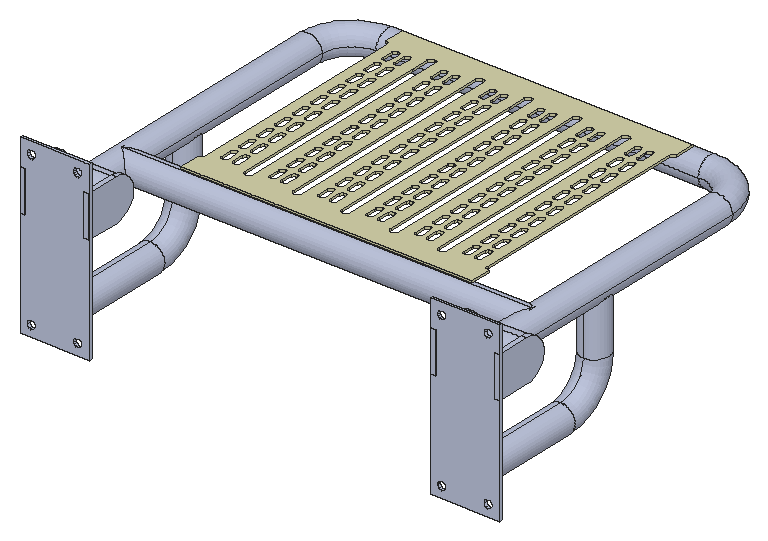
Revit family "BRG-CMP-ACC_ASIENTO DE DUCHA AÉREO v_02", category Aparatos sanitarios, Revit 2019
Family settings
  Anfitrión = Muro
  Cota de conector redondo = Diámetro de uso
  Tipo de pieza = Normal
  Número OmniClass = 23.45.00.00
  Título OmniClass = Sanitary, Laundry, and Cleaning Equipment
  Siempre vertical = Sí
  Corte con vacíos al cargar = No
  Compartido = No
  Punto de cálculo de habitación = No
Parameters (values of type "ASIENTO DE DUCHA AÉREO")
  _EDESA_ Tipo de instalación = "A la pared"
  _EDESA_ Sku/código = "SC0026853061CW"
  _EDESA_ Página web = "https://www.briggs.com.ec/productos/fichastecnicaspdf/Briggs/Complementos/Asiento_ducha_aereo.pdf"
  _EDESA_ Profundidad en cm = "42.6"
  _EDESA_ Productos necesarios para instalación = ""
  _EDESA_ Productos incluídos = "Tacos y tornillos"
  _EDESA_ Peso en kg = ""
  _EDESA_ Nombre = "ASIENTO DE DUCHA AÉREO"
  _EDESA_ Materiales = "Acero inoxidable"
  _EDESA_ Marca = "BRIGGS"
  _EDESA_ Garantía = "2 años"
  _EDESA_ Distancia de instalación en cm (muro terminado) = ""
  _EDESA_ Descripción = "Diseñados especialmente para facilitar el acceso a la ducha de personas con discapacidad y tercera edad."
  _EDESA_ Cumple normativa ADA = ""
  _EDESA_ Contacto comercial = "(02) 395 2900"
  _EDESA_ Consumo/capacidad de agua en L = ""
  _EDESA_ Color = "cromo"
  _EDESA_ Certificación = ""
  _EDESA_ Categoría = "Productos > Complementos > Accesorios"
  _EDESA_ Ancho en cm = "49"
  _EDESA_ Alto en cm = "20"
  URL = "https://www.briggs.com.ec/productos/fichastecnicaspdf/Briggs/Complementos/Asiento_ducha_aereo.pdf"
  Modelo = "ASIENTO DE DUCHA AÉREO"
Reference planes (m)
  plane 1: y = 0
  plane 2 "Centro (Izquierda/Derecha)": x = 0.125
  plane 3 "Posterior": y = 0.075
Text (m)
  text "Cara de colocación" at (-1.787139, 0.59235, 0), in view "Nivel de referencia"
  text "Cara de colocación" at (0, 1.827695, 2.917686), in view "Izquierda"
  text "Cara de colocación" at (0, 0.562268, 3.853606), in view "Derecha"
Dimensions and locks (m)
  locked: plane 3 "Posterior" to host wall at 0
  aligned and locked: host wall to plane 1
  aligned and locked: plane 2 "Centro (Izquierda/Derecha)" to nested 1
Nested families (m)
  nested 1: "ASIENTO" at (-0.0005, 0, 0.16625), type "Tipo 1"
Definition of nested family "ASIENTO"
  Reference planes (m)
    plane 1: y = 0
    plane 2 "Centro (Izquierda/Derecha)": x = 0.1255
    plane 3 "Posterior": y = 0.1
    plane 4 "_RP_ Eje": z = 0.9
    plane 5 "_RP_EjeB": x = -0.1081
    plane 6 "_RP_EjeC": y = 0.139
    plane 7 "_RP_Eje4": z = 0.38
    plane 8 "_RP_EjeA": x = 0.3591
    plane 9 "_RP_Eje6": y = 0.108
    plane 10 "_RP_Eje7": y = 0.103
    plane 11 "_RP_Eje8": y = 0.284
    plane 12 "_RP_Eje9": y = 0.51
    plane 13 "_RP_Eje10": y = 0.195
    plane 14 "_RP_Eje11": z = 0.3975
  Forms (m)
    Revolve 1, solid
      sketch origin (0, 0.139, 0) x (0, 0, -1) y (1, 0, 0)
        loop
          line (-0.4025, 0.3266) -> (-0.3995, 0.3266) -> (-0.3995, 0.3257) -> (-0.38, 0.3257) -> (-0.38, 0.3925) -> (-0.3995, 0.3925) -> (-0.3995, 0.3916) -> (-0.4025, 0.3916) -> (-0.4025, 0.3266)
        axis (-0.38, 0.3257) -> (-0.38, 0.3925)
      angle from 0 to 360
    Revolve 2, solid
      sketch origin (-0.4672, 0.139, 0) x (0, 0, -1) y (1, 0, 0)
        loop
          line (-0.4025, 0.3266) -> (-0.3995, 0.3266) -> (-0.3995, 0.3257) -> (-0.38, 0.3257) -> (-0.38, 0.3925) -> (-0.3995, 0.3925) -> (-0.3995, 0.3916) -> (-0.4025, 0.3916) -> (-0.4025, 0.3266)
        axis (-0.38, 0.3257) -> (-0.38, 0.3925)
      angle from 0 to 360
    Revolve 3, solid
      sketch origin (-0.1081, 0, 0) x (0, 1, 0) y (0, 0, 1)
        loop
          arc (0.106, 0.281) -> (0.103879, 0.280121) -> (0.103, 0.278) r 0.003
          line (0.103, 0.278) -> (0.103, 0.265) -> (0.108, 0.265) -> (0.108, 0.281) -> (0.106, 0.281)
        axis (0.103, 0.265) -> (0.108, 0.265)
      angle from 0 to 360
    Extrusion 4, solid
      sketch origin (0, 0.1, 0) x (1, 0, 0) y (0, 0, 1)
        loop
          line (0.3197, 0.43375) -> (0.3197, 0.23375) -> (0.3985, 0.23375) -> (0.3985, 0.43375) -> (0.3197, 0.43375)
        loop
          circle (0.3855, 0.42075) r 0.0047
        loop
          circle (0.3327, 0.42075) r 0.0047
        loop
          circle (0.3855, 0.24675) r 0.0047
        loop
          circle (0.3327, 0.24675) r 0.0047
      from 0 to -0.003
    Sweep 5, solid
      path origin (-0.1081, 0, 0) x (0, 1, 0) y (0, 0, 1)
        loop
          line (0.284, 0.374) -> (0.284, 0.313)
          arc (0.284, 0.313) -> (0.269941, 0.279059) -> (0.236, 0.265) r 0.048
          line (0.236, 0.265) -> (0.108, 0.265)
      profile origin (-0.1081, 0.172, 0.265) x (0, 0, -1) y (1, 0, 0)
        loop
          circle (0, 0) r 0.016
    Revolve 6, solid
      sketch origin (0.3591, 0, 0) x (0, 1, 0) y (0, 0, 1)
        loop
          arc (0.106, 0.281) -> (0.103879, 0.280121) -> (0.103, 0.278) r 0.003
          line (0.103, 0.278) -> (0.103, 0.265) -> (0.108, 0.265) -> (0.108, 0.281) -> (0.106, 0.281)
        axis (0.103, 0.265) -> (0.108, 0.265)
      angle from 0 to 360
    Sweep 7, solid
      path origin (0.3591, 0, 0) x (0, 1, 0) y (0, 0, 1)
        loop
          line (0.284, 0.374) -> (0.284, 0.313)
          arc (0.284, 0.313) -> (0.269941, 0.279059) -> (0.236, 0.265) r 0.048
          line (0.236, 0.265) -> (0.108, 0.265)
      profile origin (0.3591, 0.172, 0.265) x (0, 0, -1) y (1, 0, 0)
        loop
          circle (0, 0) r 0.016
    Sweep 8, solid
      path origin (0, 0, 0.38) x (0, 1, 0) y (-1, 0, 0)
        loop
          line (0.139, -0.3591) -> (0.46, -0.3591)
          arc (0.46, -0.3591) -> (0.495355, -0.344455) -> (0.51, -0.3091) r 0.05
          line (0.51, -0.3091) -> (0.51, 0.0581)
          arc (0.51, 0.0581) -> (0.495355, 0.093455) -> (0.46, 0.1081) r 0.05
          line (0.46, 0.1081) -> (0.139, 0.1081)
      profile origin (0.1255, 0.51, 0.38) x (0, -1, 0) y (0, 0, 1)
        loop
          circle (0, 0) r 0.016
    Extrusion 9, solid
      sketch origin (-0.4672, 0.1, 0) x (1, 0, 0) y (0, 0, 1)
        loop
          line (0.3197, 0.43375) -> (0.3197, 0.23375) -> (0.3985, 0.23375) -> (0.3985, 0.43375) -> (0.3197, 0.43375)
        loop
          circle (0.3855, 0.42075) r 0.0047
        loop
          circle (0.3327, 0.42075) r 0.0047
        loop
          circle (0.3855, 0.24675) r 0.0047
        loop
          circle (0.3327, 0.24675) r 0.0047
      from 0 to -0.003
    Revolve 10, solid
      sketch origin (0, 0.195, 0) x (0, 0, -1) y (1, 0, 0)
        loop
          line (-0.38, 0.3591) -> (-0.396, 0.3591) -> (-0.396, -0.1081) -> (-0.38, -0.1081) -> (-0.38, 0.3591)
        axis (-0.38, -0.1081) -> (-0.38, 0.3591)
      angle from 0 to 360
    Extrusion 11, solid
      sketch origin (0, 0, 0.3975) x (0, 1, 0) y (-1, 0, 0)
        loop
          line (0.195, -0.2906) -> (0.2185, -0.2906)
          arc (0.2185, -0.2906) -> (0.219964, -0.287064) -> (0.2235, -0.2856) r 0.005
          line (0.2235, -0.2856) -> (0.4815, -0.2856)
          arc (0.4815, -0.2856) -> (0.485036, -0.287064) -> (0.4865, -0.2906) r 0.005
          line (0.4865, -0.2906) -> (0.51, -0.2906) -> (0.51, 0.0406) -> (0.4865, 0.0406)
          arc (0.4865, 0.0406) -> (0.485036, 0.037064) -> (0.4815, 0.035599) r 0.005
          line (0.4815, 0.035599) -> (0.223504, 0.035599)
          arc (0.223504, 0.035599) -> (0.219967, 0.037064) -> (0.218502, 0.0406) r 0.005001
          line (0.218502, 0.0406) -> (0.195, 0.0406) -> (0.195, -0.2906)
        loop
          line (0.2235, -0.0196) -> (0.481495, -0.0196)
          arc (0.481495, -0.0196) -> (0.486495, -0.0146) -> (0.481495, -0.0096) r 0.005
          line (0.481495, -0.0096) -> (0.2235, -0.0096)
          arc (0.2235, -0.0096) -> (0.2185, -0.0146) -> (0.2235, -0.0196) r 0.005
        loop
          line (0.4815, -0.0648) -> (0.2235, -0.0648)
          arc (0.2235, -0.0648) -> (0.2185, -0.0698) -> (0.2235, -0.0748) r 0.005
          line (0.2235, -0.0748) -> (0.4815, -0.0748)
          arc (0.4815, -0.0748) -> (0.4865, -0.0698) -> (0.4815, -0.0648) r 0.005
        loop
          line (0.481497, -0.12) -> (0.223495, -0.12)
          arc (0.223495, -0.12) -> (0.218495, -0.125) -> (0.223495, -0.13) r 0.005
          line (0.223495, -0.13) -> (0.481497, -0.13)
          arc (0.481497, -0.13) -> (0.486497, -0.125) -> (0.481497, -0.12) r 0.005
        loop
          line (0.4815, -0.1752) -> (0.2235, -0.1752)
          arc (0.2235, -0.1752) -> (0.2185, -0.1802) -> (0.2235, -0.1852) r 0.005
          line (0.2235, -0.1852) -> (0.4815, -0.1852)
          arc (0.4815, -0.1852) -> (0.4865, -0.1802) -> (0.4815, -0.1752) r 0.005
        loop
          line (0.4815, -0.2304) -> (0.2235, -0.2304)
          arc (0.2235, -0.2304) -> (0.2185, -0.2354) -> (0.2235, -0.2404) r 0.005
          line (0.2235, -0.2404) -> (0.4815, -0.2404)
          arc (0.4815, -0.2404) -> (0.4865, -0.2354) -> (0.4815, -0.2304) r 0.005
        loop
          arc (0.4735, 0.01575) -> (0.4775, 0.01975) -> (0.4735, 0.02375) r 0.004
          line (0.4735, 0.02375) -> (0.4615, 0.02375)
          arc (0.4615, 0.02375) -> (0.4575, 0.01975) -> (0.4615, 0.01575) r 0.004
          line (0.4615, 0.01575) -> (0.4735, 0.01575)
        loop
          arc (0.4735, 0.00225) -> (0.4775, 0.00625) -> (0.4735, 0.01025) r 0.004
          line (0.4735, 0.01025) -> (0.4615, 0.01025)
          arc (0.4615, 0.01025) -> (0.4575, 0.00625) -> (0.4615, 0.00225) r 0.004
          line (0.4615, 0.00225) -> (0.4735, 0.00225)
        loop
          arc (0.448, 0.01575) -> (0.452, 0.01975) -> (0.448, 0.02375) r 0.004
          line (0.448, 0.02375) -> (0.436, 0.02375)
          arc (0.436, 0.02375) -> (0.432, 0.01975) -> (0.436, 0.01575) r 0.004
          line (0.436, 0.01575) -> (0.448, 0.01575)
        loop
          arc (0.448, 0.00225) -> (0.452, 0.00625) -> (0.448, 0.01025) r 0.004
          line (0.448, 0.01025) -> (0.436, 0.01025)
          arc (0.436, 0.01025) -> (0.432, 0.00625) -> (0.436, 0.00225) r 0.004
          line (0.436, 0.00225) -> (0.448, 0.00225)
        loop
          arc (0.4225, 0.01575) -> (0.4265, 0.01975) -> (0.4225, 0.02375) r 0.004
          line (0.4225, 0.02375) -> (0.4105, 0.02375)
          arc (0.4105, 0.02375) -> (0.4065, 0.01975) -> (0.4105, 0.01575) r 0.004
          line (0.4105, 0.01575) -> (0.4225, 0.01575)
        loop
          arc (0.4225, 0.00225) -> (0.4265, 0.00625) -> (0.4225, 0.01025) r 0.004
          line (0.4225, 0.01025) -> (0.4105, 0.01025)
          arc (0.4105, 0.01025) -> (0.4065, 0.00625) -> (0.4105, 0.00225) r 0.004
          line (0.4105, 0.00225) -> (0.4225, 0.00225)
        loop
          arc (0.397, 0.01575) -> (0.401, 0.01975) -> (0.397, 0.02375) r 0.004
          line (0.397, 0.02375) -> (0.385, 0.02375)
          arc (0.385, 0.02375) -> (0.381, 0.01975) -> (0.385, 0.01575) r 0.004
          line (0.385, 0.01575) -> (0.397, 0.01575)
        loop
          arc (0.397, 0.00225) -> (0.401, 0.00625) -> (0.397, 0.01025) r 0.004
          line (0.397, 0.01025) -> (0.385, 0.01025)
          arc (0.385, 0.01025) -> (0.381, 0.00625) -> (0.385, 0.00225) r 0.004
          line (0.385, 0.00225) -> (0.397, 0.00225)
        loop
          arc (0.3715, 0.01575) -> (0.3755, 0.01975) -> (0.3715, 0.02375) r 0.004
          line (0.3715, 0.02375) -> (0.3595, 0.02375)
          arc (0.3595, 0.02375) -> (0.3555, 0.01975) -> (0.3595, 0.01575) r 0.004
          line (0.3595, 0.01575) -> (0.3715, 0.01575)
        loop
          arc (0.3715, 0.00225) -> (0.3755, 0.00625) -> (0.3715, 0.01025) r 0.004
          line (0.3715, 0.01025) -> (0.3595, 0.01025)
          arc (0.3595, 0.01025) -> (0.3555, 0.00625) -> (0.3595, 0.00225) r 0.004
          line (0.3595, 0.00225) -> (0.3715, 0.00225)
        loop
          arc (0.346, 0.01575) -> (0.35, 0.01975) -> (0.346, 0.02375) r 0.004
          line (0.346, 0.02375) -> (0.334, 0.02375)
          arc (0.334, 0.02375) -> (0.33, 0.01975) -> (0.334, 0.01575) r 0.004
          line (0.334, 0.01575) -> (0.346, 0.01575)
        loop
          arc (0.346, 0.00225) -> (0.35, 0.00625) -> (0.346, 0.01025) r 0.004
          line (0.346, 0.01025) -> (0.334, 0.01025)
          arc (0.334, 0.01025) -> (0.33, 0.00625) -> (0.334, 0.00225) r 0.004
          line (0.334, 0.00225) -> (0.346, 0.00225)
        loop
          arc (0.3205, 0.01575) -> (0.3245, 0.01975) -> (0.3205, 0.02375) r 0.004
          line (0.3205, 0.02375) -> (0.3085, 0.02375)
          arc (0.3085, 0.02375) -> (0.3045, 0.01975) -> (0.3085, 0.01575) r 0.004
          line (0.3085, 0.01575) -> (0.3205, 0.01575)
        loop
          arc (0.3205, 0.00225) -> (0.3245, 0.00625) -> (0.3205, 0.01025) r 0.004
          line (0.3205, 0.01025) -> (0.3085, 0.01025)
          arc (0.3085, 0.01025) -> (0.3045, 0.00625) -> (0.3085, 0.00225) r 0.004
          line (0.3085, 0.00225) -> (0.3205, 0.00225)
        loop
          arc (0.295, 0.01575) -> (0.299, 0.01975) -> (0.295, 0.02375) r 0.004
          line (0.295, 0.02375) -> (0.283, 0.02375)
          arc (0.283, 0.02375) -> (0.279, 0.01975) -> (0.283, 0.01575) r 0.004
          line (0.283, 0.01575) -> (0.295, 0.01575)
        loop
          arc (0.295, 0.00225) -> (0.299, 0.00625) -> (0.295, 0.01025) r 0.004
          line (0.295, 0.01025) -> (0.283, 0.01025)
          arc (0.283, 0.01025) -> (0.279, 0.00625) -> (0.283, 0.00225) r 0.004
          line (0.283, 0.00225) -> (0.295, 0.00225)
        loop
          arc (0.2695, 0.01575) -> (0.2735, 0.01975) -> (0.2695, 0.02375) r 0.004
          line (0.2695, 0.02375) -> (0.2575, 0.02375)
          arc (0.2575, 0.02375) -> (0.2535, 0.01975) -> (0.2575, 0.01575) r 0.004
          line (0.2575, 0.01575) -> (0.2695, 0.01575)
        loop
          arc (0.2695, 0.00225) -> (0.2735, 0.00625) -> (0.2695, 0.01025) r 0.004
          line (0.2695, 0.01025) -> (0.2575, 0.01025)
          arc (0.2575, 0.01025) -> (0.2535, 0.00625) -> (0.2575, 0.00225) r 0.004
          line (0.2575, 0.00225) -> (0.2695, 0.00225)
        loop
          arc (0.244, 0.01575) -> (0.248, 0.01975) -> (0.244, 0.02375) r 0.004
          line (0.244, 0.02375) -> (0.232, 0.02375)
          arc (0.232, 0.02375) -> (0.228, 0.01975) -> (0.232, 0.01575) r 0.004
          line (0.232, 0.01575) -> (0.244, 0.01575)
        loop
          arc (0.244, 0.00225) -> (0.248, 0.00625) -> (0.244, 0.01025) r 0.004
          line (0.244, 0.01025) -> (0.232, 0.01025)
          arc (0.232, 0.01025) -> (0.228, 0.00625) -> (0.232, 0.00225) r 0.004
          line (0.232, 0.00225) -> (0.244, 0.00225)
        loop
          arc (0.4735, -0.03945) -> (0.4775, -0.03545) -> (0.4735, -0.03145) r 0.004
          line (0.4735, -0.03145) -> (0.4615, -0.03145)
          arc (0.4615, -0.03145) -> (0.4575, -0.03545) -> (0.4615, -0.03945) r 0.004
          line (0.4615, -0.03945) -> (0.4735, -0.03945)
        loop
          arc (0.4735, -0.05295) -> (0.4775, -0.04895) -> (0.4735, -0.04495) r 0.004
          line (0.4735, -0.04495) -> (0.4615, -0.04495)
          arc (0.4615, -0.04495) -> (0.4575, -0.04895) -> (0.4615, -0.05295) r 0.004
          line (0.4615, -0.05295) -> (0.4735, -0.05295)
        loop
          arc (0.448, -0.03945) -> (0.452, -0.03545) -> (0.448, -0.03145) r 0.004
          line (0.448, -0.03145) -> (0.436, -0.03145)
          arc (0.436, -0.03145) -> (0.432, -0.03545) -> (0.436, -0.03945) r 0.004
          line (0.436, -0.03945) -> (0.448, -0.03945)
        loop
          arc (0.448, -0.05295) -> (0.452, -0.04895) -> (0.448, -0.04495) r 0.004
          line (0.448, -0.04495) -> (0.436, -0.04495)
          arc (0.436, -0.04495) -> (0.432, -0.04895) -> (0.436, -0.05295) r 0.004
          line (0.436, -0.05295) -> (0.448, -0.05295)
        loop
          arc (0.4225, -0.03945) -> (0.4265, -0.03545) -> (0.4225, -0.03145) r 0.004
          line (0.4225, -0.03145) -> (0.4105, -0.03145)
          arc (0.4105, -0.03145) -> (0.4065, -0.03545) -> (0.4105, -0.03945) r 0.004
          line (0.4105, -0.03945) -> (0.4225, -0.03945)
        loop
          arc (0.4225, -0.05295) -> (0.4265, -0.04895) -> (0.4225, -0.04495) r 0.004
          line (0.4225, -0.04495) -> (0.4105, -0.04495)
          arc (0.4105, -0.04495) -> (0.4065, -0.04895) -> (0.4105, -0.05295) r 0.004
          line (0.4105, -0.05295) -> (0.4225, -0.05295)
        loop
          arc (0.397, -0.03945) -> (0.401, -0.03545) -> (0.397, -0.03145) r 0.004
          line (0.397, -0.03145) -> (0.385, -0.03145)
          arc (0.385, -0.03145) -> (0.381, -0.03545) -> (0.385, -0.03945) r 0.004
          line (0.385, -0.03945) -> (0.397, -0.03945)
        loop
          arc (0.397, -0.05295) -> (0.401, -0.04895) -> (0.397, -0.04495) r 0.004
          line (0.397, -0.04495) -> (0.385, -0.04495)
          arc (0.385, -0.04495) -> (0.381, -0.04895) -> (0.385, -0.05295) r 0.004
          line (0.385, -0.05295) -> (0.397, -0.05295)
        loop
          arc (0.3715, -0.03945) -> (0.3755, -0.03545) -> (0.3715, -0.03145) r 0.004
          line (0.3715, -0.03145) -> (0.3595, -0.03145)
          arc (0.3595, -0.03145) -> (0.3555, -0.03545) -> (0.3595, -0.03945) r 0.004
          line (0.3595, -0.03945) -> (0.3715, -0.03945)
        loop
          arc (0.3715, -0.05295) -> (0.3755, -0.04895) -> (0.3715, -0.04495) r 0.004
          line (0.3715, -0.04495) -> (0.3595, -0.04495)
          arc (0.3595, -0.04495) -> (0.3555, -0.04895) -> (0.3595, -0.05295) r 0.004
          line (0.3595, -0.05295) -> (0.3715, -0.05295)
        loop
          arc (0.346, -0.03945) -> (0.35, -0.03545) -> (0.346, -0.03145) r 0.004
          line (0.346, -0.03145) -> (0.334, -0.03145)
          arc (0.334, -0.03145) -> (0.33, -0.03545) -> (0.334, -0.03945) r 0.004
          line (0.334, -0.03945) -> (0.346, -0.03945)
        loop
          arc (0.346, -0.05295) -> (0.35, -0.04895) -> (0.346, -0.04495) r 0.004
          line (0.346, -0.04495) -> (0.334, -0.04495)
          arc (0.334, -0.04495) -> (0.33, -0.04895) -> (0.334, -0.05295) r 0.004
          line (0.334, -0.05295) -> (0.346, -0.05295)
        loop
          arc (0.3205, -0.03945) -> (0.3245, -0.03545) -> (0.3205, -0.03145) r 0.004
          line (0.3205, -0.03145) -> (0.3085, -0.03145)
          arc (0.3085, -0.03145) -> (0.3045, -0.03545) -> (0.3085, -0.03945) r 0.004
          line (0.3085, -0.03945) -> (0.3205, -0.03945)
        loop
          arc (0.3205, -0.05295) -> (0.3245, -0.04895) -> (0.3205, -0.04495) r 0.004
          line (0.3205, -0.04495) -> (0.3085, -0.04495)
          arc (0.3085, -0.04495) -> (0.3045, -0.04895) -> (0.3085, -0.05295) r 0.004
          line (0.3085, -0.05295) -> (0.3205, -0.05295)
        loop
          arc (0.295, -0.03945) -> (0.299, -0.03545) -> (0.295, -0.03145) r 0.004
          line (0.295, -0.03145) -> (0.283, -0.03145)
          arc (0.283, -0.03145) -> (0.279, -0.03545) -> (0.283, -0.03945) r 0.004
          line (0.283, -0.03945) -> (0.295, -0.03945)
        loop
          arc (0.295, -0.05295) -> (0.299, -0.04895) -> (0.295, -0.04495) r 0.004
          line (0.295, -0.04495) -> (0.283, -0.04495)
          arc (0.283, -0.04495) -> (0.279, -0.04895) -> (0.283, -0.05295) r 0.004
          line (0.283, -0.05295) -> (0.295, -0.05295)
        loop
          arc (0.2695, -0.03945) -> (0.2735, -0.03545) -> (0.2695, -0.03145) r 0.004
          line (0.2695, -0.03145) -> (0.2575, -0.03145)
          arc (0.2575, -0.03145) -> (0.2535, -0.03545) -> (0.2575, -0.03945) r 0.004
          line (0.2575, -0.03945) -> (0.2695, -0.03945)
        loop
          arc (0.2695, -0.05295) -> (0.2735, -0.04895) -> (0.2695, -0.04495) r 0.004
          line (0.2695, -0.04495) -> (0.2575, -0.04495)
          arc (0.2575, -0.04495) -> (0.2535, -0.04895) -> (0.2575, -0.05295) r 0.004
          line (0.2575, -0.05295) -> (0.2695, -0.05295)
        loop
          arc (0.244, -0.03945) -> (0.248, -0.03545) -> (0.244, -0.03145) r 0.004
          line (0.244, -0.03145) -> (0.232, -0.03145)
          arc (0.232, -0.03145) -> (0.228, -0.03545) -> (0.232, -0.03945) r 0.004
          line (0.232, -0.03945) -> (0.244, -0.03945)
        loop
          arc (0.244, -0.05295) -> (0.248, -0.04895) -> (0.244, -0.04495) r 0.004
          line (0.244, -0.04495) -> (0.232, -0.04495)
          arc (0.232, -0.04495) -> (0.228, -0.04895) -> (0.232, -0.05295) r 0.004
          line (0.232, -0.05295) -> (0.244, -0.05295)
        loop
          arc (0.4735, -0.09465) -> (0.4775, -0.09065) -> (0.4735, -0.08665) r 0.004
          line (0.4735, -0.08665) -> (0.4615, -0.08665)
          arc (0.4615, -0.08665) -> (0.4575, -0.09065) -> (0.4615, -0.09465) r 0.004
          line (0.4615, -0.09465) -> (0.4735, -0.09465)
        loop
          arc (0.4735, -0.10815) -> (0.4775, -0.10415) -> (0.4735, -0.10015) r 0.004
          line (0.4735, -0.10015) -> (0.4615, -0.10015)
          arc (0.4615, -0.10015) -> (0.4575, -0.10415) -> (0.4615, -0.10815) r 0.004
          line (0.4615, -0.10815) -> (0.4735, -0.10815)
        loop
          arc (0.448, -0.09465) -> (0.452, -0.09065) -> (0.448, -0.08665) r 0.004
          line (0.448, -0.08665) -> (0.436, -0.08665)
          arc (0.436, -0.08665) -> (0.432, -0.09065) -> (0.436, -0.09465) r 0.004
          line (0.436, -0.09465) -> (0.448, -0.09465)
        loop
          arc (0.448, -0.10815) -> (0.452, -0.10415) -> (0.448, -0.10015) r 0.004
          line (0.448, -0.10015) -> (0.436, -0.10015)
          arc (0.436, -0.10015) -> (0.432, -0.10415) -> (0.436, -0.10815) r 0.004
          line (0.436, -0.10815) -> (0.448, -0.10815)
        loop
          arc (0.4225, -0.09465) -> (0.4265, -0.09065) -> (0.4225, -0.08665) r 0.004
          line (0.4225, -0.08665) -> (0.4105, -0.08665)
          arc (0.4105, -0.08665) -> (0.4065, -0.09065) -> (0.4105, -0.09465) r 0.004
          line (0.4105, -0.09465) -> (0.4225, -0.09465)
        loop
          arc (0.4225, -0.10815) -> (0.4265, -0.10415) -> (0.4225, -0.10015) r 0.004
          line (0.4225, -0.10015) -> (0.4105, -0.10015)
          arc (0.4105, -0.10015) -> (0.4065, -0.10415) -> (0.4105, -0.10815) r 0.004
          line (0.4105, -0.10815) -> (0.4225, -0.10815)
        loop
          arc (0.397, -0.09465) -> (0.401, -0.09065) -> (0.397, -0.08665) r 0.004
          line (0.397, -0.08665) -> (0.385, -0.08665)
          arc (0.385, -0.08665) -> (0.381, -0.09065) -> (0.385, -0.09465) r 0.004
          line (0.385, -0.09465) -> (0.397, -0.09465)
        loop
          arc (0.397, -0.10815) -> (0.401, -0.10415) -> (0.397, -0.10015) r 0.004
          line (0.397, -0.10015) -> (0.385, -0.10015)
          arc (0.385, -0.10015) -> (0.381, -0.10415) -> (0.385, -0.10815) r 0.004
          line (0.385, -0.10815) -> (0.397, -0.10815)
        loop
          arc (0.3715, -0.09465) -> (0.3755, -0.09065) -> (0.3715, -0.08665) r 0.004
          line (0.3715, -0.08665) -> (0.3595, -0.08665)
          arc (0.3595, -0.08665) -> (0.3555, -0.09065) -> (0.3595, -0.09465) r 0.004
          line (0.3595, -0.09465) -> (0.3715, -0.09465)
        loop
          arc (0.3715, -0.10815) -> (0.3755, -0.10415) -> (0.3715, -0.10015) r 0.004
          line (0.3715, -0.10015) -> (0.3595, -0.10015)
          arc (0.3595, -0.10015) -> (0.3555, -0.10415) -> (0.3595, -0.10815) r 0.004
          line (0.3595, -0.10815) -> (0.3715, -0.10815)
        loop
          arc (0.346, -0.09465) -> (0.35, -0.09065) -> (0.346, -0.08665) r 0.004
          line (0.346, -0.08665) -> (0.334, -0.08665)
          arc (0.334, -0.08665) -> (0.33, -0.09065) -> (0.334, -0.09465) r 0.004
          line (0.334, -0.09465) -> (0.346, -0.09465)
        loop
          arc (0.346, -0.10815) -> (0.35, -0.10415) -> (0.346, -0.10015) r 0.004
          line (0.346, -0.10015) -> (0.334, -0.10015)
          arc (0.334, -0.10015) -> (0.33, -0.10415) -> (0.334, -0.10815) r 0.004
          line (0.334, -0.10815) -> (0.346, -0.10815)
        loop
          arc (0.3205, -0.09465) -> (0.3245, -0.09065) -> (0.3205, -0.08665) r 0.004
          line (0.3205, -0.08665) -> (0.3085, -0.08665)
          arc (0.3085, -0.08665) -> (0.3045, -0.09065) -> (0.3085, -0.09465) r 0.004
          line (0.3085, -0.09465) -> (0.3205, -0.09465)
        loop
          arc (0.3205, -0.10815) -> (0.3245, -0.10415) -> (0.3205, -0.10015) r 0.004
          line (0.3205, -0.10015) -> (0.3085, -0.10015)
          arc (0.3085, -0.10015) -> (0.3045, -0.10415) -> (0.3085, -0.10815) r 0.004
          line (0.3085, -0.10815) -> (0.3205, -0.10815)
        loop
          arc (0.295, -0.09465) -> (0.299, -0.09065) -> (0.295, -0.08665) r 0.004
          line (0.295, -0.08665) -> (0.283, -0.08665)
          arc (0.283, -0.08665) -> (0.279, -0.09065) -> (0.283, -0.09465) r 0.004
          line (0.283, -0.09465) -> (0.295, -0.09465)
        loop
          arc (0.295, -0.10815) -> (0.299, -0.10415) -> (0.295, -0.10015) r 0.004
          line (0.295, -0.10015) -> (0.283, -0.10015)
          arc (0.283, -0.10015) -> (0.279, -0.10415) -> (0.283, -0.10815) r 0.004
          line (0.283, -0.10815) -> (0.295, -0.10815)
        loop
          arc (0.2695, -0.09465) -> (0.2735, -0.09065) -> (0.2695, -0.08665) r 0.004
          line (0.2695, -0.08665) -> (0.2575, -0.08665)
          arc (0.2575, -0.08665) -> (0.2535, -0.09065) -> (0.2575, -0.09465) r 0.004
          line (0.2575, -0.09465) -> (0.2695, -0.09465)
        loop
          arc (0.2695, -0.10815) -> (0.2735, -0.10415) -> (0.2695, -0.10015) r 0.004
          line (0.2695, -0.10015) -> (0.2575, -0.10015)
          arc (0.2575, -0.10015) -> (0.2535, -0.10415) -> (0.2575, -0.10815) r 0.004
          line (0.2575, -0.10815) -> (0.2695, -0.10815)
        loop
          arc (0.244, -0.09465) -> (0.248, -0.09065) -> (0.244, -0.08665) r 0.004
          line (0.244, -0.08665) -> (0.232, -0.08665)
          arc (0.232, -0.08665) -> (0.228, -0.09065) -> (0.232, -0.09465) r 0.004
          line (0.232, -0.09465) -> (0.244, -0.09465)
        loop
          arc (0.244, -0.10815) -> (0.248, -0.10415) -> (0.244, -0.10015) r 0.004
          line (0.244, -0.10015) -> (0.232, -0.10015)
          arc (0.232, -0.10015) -> (0.228, -0.10415) -> (0.232, -0.10815) r 0.004
          line (0.232, -0.10815) -> (0.244, -0.10815)
        loop
          arc (0.4735, -0.14985) -> (0.4775, -0.14585) -> (0.4735, -0.14185) r 0.004
          line (0.4735, -0.14185) -> (0.4615, -0.14185)
          arc (0.4615, -0.14185) -> (0.4575, -0.14585) -> (0.4615, -0.14985) r 0.004
          line (0.4615, -0.14985) -> (0.4735, -0.14985)
        loop
          arc (0.4735, -0.16335) -> (0.4775, -0.15935) -> (0.4735, -0.15535) r 0.004
          line (0.4735, -0.15535) -> (0.4615, -0.15535)
          arc (0.4615, -0.15535) -> (0.4575, -0.15935) -> (0.4615, -0.16335) r 0.004
          line (0.4615, -0.16335) -> (0.4735, -0.16335)
        loop
          arc (0.448, -0.14985) -> (0.452, -0.14585) -> (0.448, -0.14185) r 0.004
          line (0.448, -0.14185) -> (0.436, -0.14185)
          arc (0.436, -0.14185) -> (0.432, -0.14585) -> (0.436, -0.14985) r 0.004
          line (0.436, -0.14985) -> (0.448, -0.14985)
        loop
          arc (0.448, -0.16335) -> (0.452, -0.15935) -> (0.448, -0.15535) r 0.004
          line (0.448, -0.15535) -> (0.436, -0.15535)
          arc (0.436, -0.15535) -> (0.432, -0.15935) -> (0.436, -0.16335) r 0.004
          line (0.436, -0.16335) -> (0.448, -0.16335)
        loop
          arc (0.4225, -0.14985) -> (0.4265, -0.14585) -> (0.4225, -0.14185) r 0.004
          line (0.4225, -0.14185) -> (0.4105, -0.14185)
          arc (0.4105, -0.14185) -> (0.4065, -0.14585) -> (0.4105, -0.14985) r 0.004
          line (0.4105, -0.14985) -> (0.4225, -0.14985)
        loop
          arc (0.4225, -0.16335) -> (0.4265, -0.15935) -> (0.4225, -0.15535) r 0.004
          line (0.4225, -0.15535) -> (0.4105, -0.15535)
          arc (0.4105, -0.15535) -> (0.4065, -0.15935) -> (0.4105, -0.16335) r 0.004
          line (0.4105, -0.16335) -> (0.4225, -0.16335)
        loop
          arc (0.397, -0.14985) -> (0.401, -0.14585) -> (0.397, -0.14185) r 0.004
          line (0.397, -0.14185) -> (0.385, -0.14185)
          arc (0.385, -0.14185) -> (0.381, -0.14585) -> (0.385, -0.14985) r 0.004
          line (0.385, -0.14985) -> (0.397, -0.14985)
        loop
          arc (0.397, -0.16335) -> (0.401, -0.15935) -> (0.397, -0.15535) r 0.004
          line (0.397, -0.15535) -> (0.385, -0.15535)
          arc (0.385, -0.15535) -> (0.381, -0.15935) -> (0.385, -0.16335) r 0.004
          line (0.385, -0.16335) -> (0.397, -0.16335)
        loop
          arc (0.3715, -0.14985) -> (0.3755, -0.14585) -> (0.3715, -0.14185) r 0.004
          line (0.3715, -0.14185) -> (0.3595, -0.14185)
          arc (0.3595, -0.14185) -> (0.3555, -0.14585) -> (0.3595, -0.14985) r 0.004
          line (0.3595, -0.14985) -> (0.3715, -0.14985)
        loop
          arc (0.3715, -0.16335) -> (0.3755, -0.15935) -> (0.3715, -0.15535) r 0.004
          line (0.3715, -0.15535) -> (0.3595, -0.15535)
          arc (0.3595, -0.15535) -> (0.3555, -0.15935) -> (0.3595, -0.16335) r 0.004
          line (0.3595, -0.16335) -> (0.3715, -0.16335)
        loop
          arc (0.346, -0.14985) -> (0.35, -0.14585) -> (0.346, -0.14185) r 0.004
          line (0.346, -0.14185) -> (0.334, -0.14185)
          arc (0.334, -0.14185) -> (0.33, -0.14585) -> (0.334, -0.14985) r 0.004
          line (0.334, -0.14985) -> (0.346, -0.14985)
        loop
          arc (0.346, -0.16335) -> (0.35, -0.15935) -> (0.346, -0.15535) r 0.004
          line (0.346, -0.15535) -> (0.334, -0.15535)
          arc (0.334, -0.15535) -> (0.33, -0.15935) -> (0.334, -0.16335) r 0.004
          line (0.334, -0.16335) -> (0.346, -0.16335)
        loop
          arc (0.3205, -0.14985) -> (0.3245, -0.14585) -> (0.3205, -0.14185) r 0.004
          line (0.3205, -0.14185) -> (0.3085, -0.14185)
          arc (0.3085, -0.14185) -> (0.3045, -0.14585) -> (0.3085, -0.14985) r 0.004
          line (0.3085, -0.14985) -> (0.3205, -0.14985)
        loop
          arc (0.3205, -0.16335) -> (0.3245, -0.15935) -> (0.3205, -0.15535) r 0.004
          line (0.3205, -0.15535) -> (0.3085, -0.15535)
          arc (0.3085, -0.15535) -> (0.3045, -0.15935) -> (0.3085, -0.16335) r 0.004
          line (0.3085, -0.16335) -> (0.3205, -0.16335)
        loop
          arc (0.295, -0.14985) -> (0.299, -0.14585) -> (0.295, -0.14185) r 0.004
          line (0.295, -0.14185) -> (0.283, -0.14185)
          arc (0.283, -0.14185) -> (0.279, -0.14585) -> (0.283, -0.14985) r 0.004
          line (0.283, -0.14985) -> (0.295, -0.14985)
        loop
          arc (0.295, -0.16335) -> (0.299, -0.15935) -> (0.295, -0.15535) r 0.004
          line (0.295, -0.15535) -> (0.283, -0.15535)
          arc (0.283, -0.15535) -> (0.279, -0.15935) -> (0.283, -0.16335) r 0.004
          line (0.283, -0.16335) -> (0.295, -0.16335)
        loop
          arc (0.2695, -0.14985) -> (0.2735, -0.14585) -> (0.2695, -0.14185) r 0.004
          line (0.2695, -0.14185) -> (0.2575, -0.14185)
          arc (0.2575, -0.14185) -> (0.2535, -0.14585) -> (0.2575, -0.14985) r 0.004
          line (0.2575, -0.14985) -> (0.2695, -0.14985)
        loop
          arc (0.2695, -0.16335) -> (0.2735, -0.15935) -> (0.2695, -0.15535) r 0.004
          line (0.2695, -0.15535) -> (0.2575, -0.15535)
          arc (0.2575, -0.15535) -> (0.2535, -0.15935) -> (0.2575, -0.16335) r 0.004
          line (0.2575, -0.16335) -> (0.2695, -0.16335)
        loop
          arc (0.244, -0.14985) -> (0.248, -0.14585) -> (0.244, -0.14185) r 0.004
          line (0.244, -0.14185) -> (0.232, -0.14185)
          arc (0.232, -0.14185) -> (0.228, -0.14585) -> (0.232, -0.14985) r 0.004
          line (0.232, -0.14985) -> (0.244, -0.14985)
        loop
          arc (0.244, -0.16335) -> (0.248, -0.15935) -> (0.244, -0.15535) r 0.004
          line (0.244, -0.15535) -> (0.232, -0.15535)
          arc (0.232, -0.15535) -> (0.228, -0.15935) -> (0.232, -0.16335) r 0.004
          line (0.232, -0.16335) -> (0.244, -0.16335)
        loop
          arc (0.4735, -0.20505) -> (0.4775, -0.20105) -> (0.4735, -0.19705) r 0.004
          line (0.4735, -0.19705) -> (0.4615, -0.19705)
          arc (0.4615, -0.19705) -> (0.4575, -0.20105) -> (0.4615, -0.20505) r 0.004
          line (0.4615, -0.20505) -> (0.4735, -0.20505)
        loop
          arc (0.4735, -0.21855) -> (0.4775, -0.21455) -> (0.4735, -0.21055) r 0.004
          line (0.4735, -0.21055) -> (0.4615, -0.21055)
          arc (0.4615, -0.21055) -> (0.4575, -0.21455) -> (0.4615, -0.21855) r 0.004
          line (0.4615, -0.21855) -> (0.4735, -0.21855)
        loop
          arc (0.448, -0.20505) -> (0.452, -0.20105) -> (0.448, -0.19705) r 0.004
          line (0.448, -0.19705) -> (0.436, -0.19705)
          arc (0.436, -0.19705) -> (0.432, -0.20105) -> (0.436, -0.20505) r 0.004
          line (0.436, -0.20505) -> (0.448, -0.20505)
        loop
          arc (0.448, -0.21855) -> (0.452, -0.21455) -> (0.448, -0.21055) r 0.004
          line (0.448, -0.21055) -> (0.436, -0.21055)
          arc (0.436, -0.21055) -> (0.432, -0.21455) -> (0.436, -0.21855) r 0.004
          line (0.436, -0.21855) -> (0.448, -0.21855)
        loop
          arc (0.4225, -0.20505) -> (0.4265, -0.20105) -> (0.4225, -0.19705) r 0.004
          line (0.4225, -0.19705) -> (0.4105, -0.19705)
          arc (0.4105, -0.19705) -> (0.4065, -0.20105) -> (0.4105, -0.20505) r 0.004
          line (0.4105, -0.20505) -> (0.4225, -0.20505)
        loop
          arc (0.4225, -0.21855) -> (0.4265, -0.21455) -> (0.4225, -0.21055) r 0.004
          line (0.4225, -0.21055) -> (0.4105, -0.21055)
          arc (0.4105, -0.21055) -> (0.4065, -0.21455) -> (0.4105, -0.21855) r 0.004
          line (0.4105, -0.21855) -> (0.4225, -0.21855)
        loop
          arc (0.397, -0.20505) -> (0.401, -0.20105) -> (0.397, -0.19705) r 0.004
          line (0.397, -0.19705) -> (0.385, -0.19705)
          arc (0.385, -0.19705) -> (0.381, -0.20105) -> (0.385, -0.20505) r 0.004
          line (0.385, -0.20505) -> (0.397, -0.20505)
        loop
          arc (0.397, -0.21855) -> (0.401, -0.21455) -> (0.397, -0.21055) r 0.004
          line (0.397, -0.21055) -> (0.385, -0.21055)
          arc (0.385, -0.21055) -> (0.381, -0.21455) -> (0.385, -0.21855) r 0.004
          line (0.385, -0.21855) -> (0.397, -0.21855)
        loop
          arc (0.3715, -0.20505) -> (0.3755, -0.20105) -> (0.3715, -0.19705) r 0.004
          line (0.3715, -0.19705) -> (0.3595, -0.19705)
          arc (0.3595, -0.19705) -> (0.3555, -0.20105) -> (0.3595, -0.20505) r 0.004
          line (0.3595, -0.20505) -> (0.3715, -0.20505)
        loop
          arc (0.3715, -0.21855) -> (0.3755, -0.21455) -> (0.3715, -0.21055) r 0.004
          line (0.3715, -0.21055) -> (0.3595, -0.21055)
          arc (0.3595, -0.21055) -> (0.3555, -0.21455) -> (0.3595, -0.21855) r 0.004
          line (0.3595, -0.21855) -> (0.3715, -0.21855)
        loop
          arc (0.346, -0.20505) -> (0.35, -0.20105) -> (0.346, -0.19705) r 0.004
          line (0.346, -0.19705) -> (0.334, -0.19705)
          arc (0.334, -0.19705) -> (0.33, -0.20105) -> (0.334, -0.20505) r 0.004
          line (0.334, -0.20505) -> (0.346, -0.20505)
        loop
          arc (0.346, -0.21855) -> (0.35, -0.21455) -> (0.346, -0.21055) r 0.004
          line (0.346, -0.21055) -> (0.334, -0.21055)
          arc (0.334, -0.21055) -> (0.33, -0.21455) -> (0.334, -0.21855) r 0.004
          line (0.334, -0.21855) -> (0.346, -0.21855)
        loop
          arc (0.3205, -0.20505) -> (0.3245, -0.20105) -> (0.3205, -0.19705) r 0.004
          line (0.3205, -0.19705) -> (0.3085, -0.19705)
          arc (0.3085, -0.19705) -> (0.3045, -0.20105) -> (0.3085, -0.20505) r 0.004
          line (0.3085, -0.20505) -> (0.3205, -0.20505)
        loop
          arc (0.3205, -0.21855) -> (0.3245, -0.21455) -> (0.3205, -0.21055) r 0.004
          line (0.3205, -0.21055) -> (0.3085, -0.21055)
          arc (0.3085, -0.21055) -> (0.3045, -0.21455) -> (0.3085, -0.21855) r 0.004
          line (0.3085, -0.21855) -> (0.3205, -0.21855)
        loop
          arc (0.295, -0.20505) -> (0.299, -0.20105) -> (0.295, -0.19705) r 0.004
          line (0.295, -0.19705) -> (0.283, -0.19705)
          arc (0.283, -0.19705) -> (0.279, -0.20105) -> (0.283, -0.20505) r 0.004
          line (0.283, -0.20505) -> (0.295, -0.20505)
        loop
          arc (0.295, -0.21855) -> (0.299, -0.21455) -> (0.295, -0.21055) r 0.004
          line (0.295, -0.21055) -> (0.283, -0.21055)
          arc (0.283, -0.21055) -> (0.279, -0.21455) -> (0.283, -0.21855) r 0.004
          line (0.283, -0.21855) -> (0.295, -0.21855)
        loop
          arc (0.2695, -0.20505) -> (0.2735, -0.20105) -> (0.2695, -0.19705) r 0.004
          line (0.2695, -0.19705) -> (0.2575, -0.19705)
          arc (0.2575, -0.19705) -> (0.2535, -0.20105) -> (0.2575, -0.20505) r 0.004
          line (0.2575, -0.20505) -> (0.2695, -0.20505)
        loop
          arc (0.2695, -0.21855) -> (0.2735, -0.21455) -> (0.2695, -0.21055) r 0.004
          line (0.2695, -0.21055) -> (0.2575, -0.21055)
          arc (0.2575, -0.21055) -> (0.2535, -0.21455) -> (0.2575, -0.21855) r 0.004
          line (0.2575, -0.21855) -> (0.2695, -0.21855)
        loop
          arc (0.244, -0.20505) -> (0.248, -0.20105) -> (0.244, -0.19705) r 0.004
          line (0.244, -0.19705) -> (0.232, -0.19705)
          arc (0.232, -0.19705) -> (0.228, -0.20105) -> (0.232, -0.20505) r 0.004
          line (0.232, -0.20505) -> (0.244, -0.20505)
        loop
          arc (0.244, -0.21855) -> (0.248, -0.21455) -> (0.244, -0.21055) r 0.004
          line (0.244, -0.21055) -> (0.232, -0.21055)
          arc (0.232, -0.21055) -> (0.228, -0.21455) -> (0.232, -0.21855) r 0.004
          line (0.232, -0.21855) -> (0.244, -0.21855)
        loop
          arc (0.4735, -0.26025) -> (0.4775, -0.25625) -> (0.4735, -0.25225) r 0.004
          line (0.4735, -0.25225) -> (0.4615, -0.25225)
          arc (0.4615, -0.25225) -> (0.4575, -0.25625) -> (0.4615, -0.26025) r 0.004
          line (0.4615, -0.26025) -> (0.4735, -0.26025)
        loop
          arc (0.4735, -0.27375) -> (0.4775, -0.26975) -> (0.4735, -0.26575) r 0.004
          line (0.4735, -0.26575) -> (0.4615, -0.26575)
          arc (0.4615, -0.26575) -> (0.4575, -0.26975) -> (0.4615, -0.27375) r 0.004
          line (0.4615, -0.27375) -> (0.4735, -0.27375)
        loop
          arc (0.448, -0.26025) -> (0.452, -0.25625) -> (0.448, -0.25225) r 0.004
          line (0.448, -0.25225) -> (0.436, -0.25225)
          arc (0.436, -0.25225) -> (0.432, -0.25625) -> (0.436, -0.26025) r 0.004
          line (0.436, -0.26025) -> (0.448, -0.26025)
        loop
          arc (0.448, -0.27375) -> (0.452, -0.26975) -> (0.448, -0.26575) r 0.004
          line (0.448, -0.26575) -> (0.436, -0.26575)
          arc (0.436, -0.26575) -> (0.432, -0.26975) -> (0.436, -0.27375) r 0.004
          line (0.436, -0.27375) -> (0.448, -0.27375)
        loop
          arc (0.4225, -0.26025) -> (0.4265, -0.25625) -> (0.4225, -0.25225) r 0.004
          line (0.4225, -0.25225) -> (0.4105, -0.25225)
          arc (0.4105, -0.25225) -> (0.4065, -0.25625) -> (0.4105, -0.26025) r 0.004
          line (0.4105, -0.26025) -> (0.4225, -0.26025)
        loop
          arc (0.4225, -0.27375) -> (0.4265, -0.26975) -> (0.4225, -0.26575) r 0.004
          line (0.4225, -0.26575) -> (0.4105, -0.26575)
          arc (0.4105, -0.26575) -> (0.4065, -0.26975) -> (0.4105, -0.27375) r 0.004
          line (0.4105, -0.27375) -> (0.4225, -0.27375)
        loop
          arc (0.397, -0.26025) -> (0.401, -0.25625) -> (0.397, -0.25225) r 0.004
          line (0.397, -0.25225) -> (0.385, -0.25225)
          arc (0.385, -0.25225) -> (0.381, -0.25625) -> (0.385, -0.26025) r 0.004
          line (0.385, -0.26025) -> (0.397, -0.26025)
        loop
          arc (0.397, -0.27375) -> (0.401, -0.26975) -> (0.397, -0.26575) r 0.004
          line (0.397, -0.26575) -> (0.385, -0.26575)
          arc (0.385, -0.26575) -> (0.381, -0.26975) -> (0.385, -0.27375) r 0.004
          line (0.385, -0.27375) -> (0.397, -0.27375)
        loop
          arc (0.3715, -0.26025) -> (0.3755, -0.25625) -> (0.3715, -0.25225) r 0.004
          line (0.3715, -0.25225) -> (0.3595, -0.25225)
          arc (0.3595, -0.25225) -> (0.3555, -0.25625) -> (0.3595, -0.26025) r 0.004
          line (0.3595, -0.26025) -> (0.3715, -0.26025)
        loop
          arc (0.3715, -0.27375) -> (0.3755, -0.26975) -> (0.3715, -0.26575) r 0.004
          line (0.3715, -0.26575) -> (0.3595, -0.26575)
          arc (0.3595, -0.26575) -> (0.3555, -0.26975) -> (0.3595, -0.27375) r 0.004
          line (0.3595, -0.27375) -> (0.3715, -0.27375)
        loop
          arc (0.346, -0.26025) -> (0.35, -0.25625) -> (0.346, -0.25225) r 0.004
          line (0.346, -0.25225) -> (0.334, -0.25225)
          arc (0.334, -0.25225) -> (0.33, -0.25625) -> (0.334, -0.26025) r 0.004
          line (0.334, -0.26025) -> (0.346, -0.26025)
        loop
          arc (0.346, -0.27375) -> (0.35, -0.26975) -> (0.346, -0.26575) r 0.004
          line (0.346, -0.26575) -> (0.334, -0.26575)
          arc (0.334, -0.26575) -> (0.33, -0.26975) -> (0.334, -0.27375) r 0.004
          line (0.334, -0.27375) -> (0.346, -0.27375)
        loop
          arc (0.3205, -0.26025) -> (0.3245, -0.25625) -> (0.3205, -0.25225) r 0.004
          line (0.3205, -0.25225) -> (0.3085, -0.25225)
          arc (0.3085, -0.25225) -> (0.3045, -0.25625) -> (0.3085, -0.26025) r 0.004
          line (0.3085, -0.26025) -> (0.3205, -0.26025)
        loop
          arc (0.3205, -0.27375) -> (0.3245, -0.26975) -> (0.3205, -0.26575) r 0.004
          line (0.3205, -0.26575) -> (0.3085, -0.26575)
          arc (0.3085, -0.26575) -> (0.3045, -0.26975) -> (0.3085, -0.27375) r 0.004
          line (0.3085, -0.27375) -> (0.3205, -0.27375)
        loop
          arc (0.295, -0.26025) -> (0.299, -0.25625) -> (0.295, -0.25225) r 0.004
          line (0.295, -0.25225) -> (0.283, -0.25225)
          arc (0.283, -0.25225) -> (0.279, -0.25625) -> (0.283, -0.26025) r 0.004
          line (0.283, -0.26025) -> (0.295, -0.26025)
        loop
          arc (0.295, -0.27375) -> (0.299, -0.26975) -> (0.295, -0.26575) r 0.004
          line (0.295, -0.26575) -> (0.283, -0.26575)
          arc (0.283, -0.26575) -> (0.279, -0.26975) -> (0.283, -0.27375) r 0.004
          line (0.283, -0.27375) -> (0.295, -0.27375)
        loop
          arc (0.2695, -0.26025) -> (0.2735, -0.25625) -> (0.2695, -0.25225) r 0.004
          line (0.2695, -0.25225) -> (0.2575, -0.25225)
          arc (0.2575, -0.25225) -> (0.2535, -0.25625) -> (0.2575, -0.26025) r 0.004
          line (0.2575, -0.26025) -> (0.2695, -0.26025)
        loop
          arc (0.2695, -0.27375) -> (0.2735, -0.26975) -> (0.2695, -0.26575) r 0.004
          line (0.2695, -0.26575) -> (0.2575, -0.26575)
          arc (0.2575, -0.26575) -> (0.2535, -0.26975) -> (0.2575, -0.27375) r 0.004
          line (0.2575, -0.27375) -> (0.2695, -0.27375)
        loop
          arc (0.244, -0.26025) -> (0.248, -0.25625) -> (0.244, -0.25225) r 0.004
          line (0.244, -0.25225) -> (0.232, -0.25225)
          arc (0.232, -0.25225) -> (0.228, -0.25625) -> (0.232, -0.26025) r 0.004
          line (0.232, -0.26025) -> (0.244, -0.26025)
        loop
          arc (0.244, -0.27375) -> (0.248, -0.26975) -> (0.244, -0.26575) r 0.004
          line (0.244, -0.26575) -> (0.232, -0.26575)
          arc (0.232, -0.26575) -> (0.228, -0.26975) -> (0.232, -0.27375) r 0.004
          line (0.232, -0.27375) -> (0.244, -0.27375)
      from 0 to 0.002
    Extrusion 12, solid
      sketch origin (-0.1081, 0, 0) x (0, 1, 0) y (0, 0, 1)
        loop
          line (0.139007, 0.40375) -> (0.1, 0.40375) -> (0.1, 0.35625) -> (0.139007, 0.35625)
          arc (0.139007, 0.35625) -> (0.162757, 0.38) -> (0.139007, 0.40375) r 0.02375
      from -0.0394 to -0.0339
    Extrusion 13, solid
      sketch origin (-0.1081, 0, 0) x (0, 1, 0) y (0, 0, 1)
        loop
          line (0.139007, 0.40375) -> (0.1, 0.40375) -> (0.1, 0.35625) -> (0.139007, 0.35625)
          arc (0.139007, 0.35625) -> (0.162757, 0.38) -> (0.139007, 0.40375) r 0.02375
      from 0.0334 to 0.0389
    Extrusion 14, solid
      sketch origin (0.3591, 0, 0) x (0, 1, 0) y (0, 0, 1)
        loop
          line (0.139007, 0.40375) -> (0.1, 0.40375) -> (0.1, 0.35625) -> (0.139007, 0.35625)
          arc (0.139007, 0.35625) -> (0.162757, 0.38) -> (0.139007, 0.40375) r 0.02375
      from -0.0394 to -0.0339
    Extrusion 15, solid
      sketch origin (0.3591, 0, 0) x (0, 1, 0) y (0, 0, 1)
        loop
          line (0.139007, 0.40375) -> (0.1, 0.40375) -> (0.1, 0.35625) -> (0.139007, 0.35625)
          arc (0.139007, 0.35625) -> (0.162757, 0.38) -> (0.139007, 0.40375) r 0.02375
      from 0.0334 to 0.0389
  Lines and regions (m)
    model lines
      curve 1: line (0.38335, 0.1, 0.3575) -> (0.38335, 0.1, 0.4025)
      curve 2: line (-0.0581, 0.179, 0.38) -> (-0.0581, 0.211, 0.38)
  Text (m)
    text "Cara de colocación" at (-1.787139, 0.59235, 0), in view "Nivel de referencia"
    text "Cara de colocación" at (0, 1.827695, 2.917686), in view "Izquierda"
    text "Cara de colocación" at (0, 0.562268, 3.853606), in view "Derecha"
  Dimensions and locks (m)
    locked: plane 3 "Posterior" to host wall at 0
    level to plane 4 "_RP_ Eje" = 0.90 m
    plane 7 "_RP_Eje4" to level = 0.38 m
    plane 8 "_RP_EjeA" to plane 2 "Centro (Izquierda/Derecha)" to plane 5 "_RP_EjeB" = 0.2336 m, 0.2336 m
    locked: plane 3 "Posterior" to plane 6 "_RP_EjeC" at 0.039
    locked: plane 9 "_RP_Eje6" to plane 6 "_RP_EjeC" at 0.031
    locked: plane 10 "_RP_Eje7" to plane 6 "_RP_EjeC" at 0.036
    locked: plane 6 "_RP_EjeC" to plane 11 "_RP_Eje8" at 0.145
    locked: plane 11 "_RP_Eje8" to plane 12 "_RP_Eje9" at 0.226
    equal spacing: plane 5 "_RP_EjeB", plane 2 "Centro (Izquierda/Derecha)", plane 8 "_RP_EjeA"
    locked: plane 13 "_RP_Eje10" to plane 12 "_RP_Eje9" at 0.315
    locked: plane 7 "_RP_Eje4" to plane 14 "_RP_Eje11" at 0.0175
    aligned and locked: host wall to plane 1
    aligned and locked: Sweep 5 sketch curve to plane 11 "_RP_Eje8"
    aligned and locked: plane 9 "_RP_Eje6" to Sweep 5 sketch curve
    aligned and locked: plane 9 "_RP_Eje6" to Sweep 7 sketch curve
    aligned and locked: plane 9 "_RP_Eje6" to Revolve 3 sketch curve
    aligned and locked: plane 12 "_RP_Eje9" to Sweep 8 sketch curve
    aligned and locked: plane 8 "_RP_EjeA" to Sweep 8 sketch curve
    aligned and locked: plane 5 "_RP_EjeB" to Sweep 8 sketch curve
    aligned and locked: plane 13 "_RP_Eje10" to Extrusion 11 sketch curve
    aligned and locked: plane 12 "_RP_Eje9" to Extrusion 11 sketch curve
  Automatic sketch dimensions
    Revolve 1 sketch curve to plane 7 "_RP_Eje4" = 0.00 m  (x2)
    Revolve 1 sketch curve to plane 7 "_RP_Eje4" = 0.0195 m
    Revolve 1 sketch curve to Revolve 1 sketch curve = 0.0195 m
    Revolve 1 sketch curve to Revolve 1 sketch curve = 0.003 m
    Revolve 1 sketch curve to plane 8 "_RP_EjeA" = 0.0334 m
    Revolve 1 sketch curve to Revolve 1 sketch curve = 0.0009 m  (x2)
    plane 8 "_RP_EjeA" to Revolve 1 sketch curve = 0.0325 m
    Revolve 1 sketch curve to Revolve 1 sketch curve = 0.0216 m
    Revolve 1 sketch curve to Revolve 1 sketch curve = 0.02 m
    Revolve 2 sketch curve to plane 7 "_RP_Eje4" = 0.00 m  (x2)
    Revolve 2 sketch curve to plane 7 "_RP_Eje4" = 0.0195 m  (x2)
    Revolve 2 sketch curve to Revolve 2 sketch curve = 0.003 m
    Revolve 2 sketch curve to plane 5 "_RP_EjeB" = 0.0334 m
    Revolve 2 sketch curve to Revolve 2 sketch curve = 0.0009 m  (x2)
    plane 5 "_RP_EjeB" to Revolve 2 sketch curve = 0.0325 m
    Revolve 2 sketch curve to Revolve 2 sketch curve = 0.0216 m
    Revolve 2 sketch curve to Revolve 2 sketch curve = 0.02 m
    Revolve 3 sketch curve to plane 10 "_RP_Eje7" = 0.00 m
    Revolve 3 sketch curve to plane 9 "_RP_Eje6" = 0.00 m
    plane 9 "_RP_Eje6" to Revolve 3 sketch curve = 0.002 m
    plane 7 "_RP_Eje4" to Revolve 3 sketch curve = 0.115 m
    Revolve 3 sketch curve to Revolve 3 sketch curve = 0.013 m
    plane 6 "_RP_EjeC" to Revolve 3 sketch curve = 0.002668 m
    Revolve 3 sketch curve to Revolve 3 sketch curve = 0.00 m
    plane 8 "_RP_EjeA" to curve 1 = 0.02425 m
    plane 7 "_RP_Eje4" to curve 1 = 0.0225 m
    curve 1 to plane 7 "_RP_Eje4" = 0.0225 m
    Extrusion 4 sketch curve to plane 8 "_RP_EjeA" = 0.0394 m
    Extrusion 4 sketch curve to Extrusion 4 sketch curve = 0.013 m  (x6)
    plane 8 "_RP_EjeA" to Extrusion 4 sketch curve = 0.0264 m  (x2)
    plane 7 "_RP_Eje4" to Extrusion 4 sketch curve = 0.14625 m
    Extrusion 4 sketch curve to plane 7 "_RP_Eje4" = 0.04075 m  (x2)
    Sweep 5 sketch curve to Sweep 5 sketch curve = 0.048 m
    plane 7 "_RP_Eje4" to Sweep 5 sketch curve = 0.115 m
    plane 7 "_RP_Eje4" to Sweep 5 sketch curve = 0.006 m
    Sweep 5 sketch curve to plane 5 "_RP_EjeB" = 0.00 m
    Sweep 5 sketch curve to profile plane = 0.00 m
    Revolve 6 sketch curve to plane 10 "_RP_Eje7" = 0.00 m
    Revolve 6 sketch curve to plane 9 "_RP_Eje6" = 0.00 m
    plane 9 "_RP_Eje6" to Revolve 6 sketch curve = 0.002 m
    plane 7 "_RP_Eje4" to Revolve 6 sketch curve = 0.115 m
    Revolve 6 sketch curve to Revolve 6 sketch curve = 0.013 m
    Revolve 6 sketch curve to Revolve 6 sketch curve = 0.011 m
    plane 6 "_RP_EjeC" to Revolve 6 sketch curve = 0.002668 m
    Revolve 6 sketch curve to Revolve 6 sketch curve = 0.00 m
    Sweep 7 sketch curve to plane 11 "_RP_Eje8" = 0.00 m
    Sweep 7 sketch curve to Sweep 7 sketch curve = 0.048 m
    plane 7 "_RP_Eje4" to Sweep 7 sketch curve = 0.115 m
    plane 7 "_RP_Eje4" to Sweep 7 sketch curve = 0.006 m
    Sweep 7 sketch curve to plane 8 "_RP_EjeA" = 0.00 m
    Sweep 7 sketch curve to profile plane = 0.00 m
    plane 6 "_RP_EjeC" to Sweep 8 sketch curve = 0.00 m  (x2)
    plane 12 "_RP_Eje9" to Sweep 8 sketch curve = 0.05 m  (x2)
    Sweep 8 sketch curve to plane 8 "_RP_EjeA" = 0.05 m
    Sweep 8 sketch curve to Sweep 8 sketch curve = 0.00 m
    plane 7 "_RP_Eje4" to Sweep 8 sketch curve = 0.00 m
    Sweep 8 sketch curve to profile plane = 0.00 m
    Extrusion 9 sketch curve to plane 5 "_RP_EjeB" = 0.0394 m
    Extrusion 9 sketch curve to Extrusion 9 sketch curve = 0.013 m  (x6)
    plane 5 "_RP_EjeB" to Extrusion 9 sketch curve = 0.0264 m  (x2)
    plane 7 "_RP_Eje4" to Extrusion 9 sketch curve = 0.14625 m
    Extrusion 9 sketch curve to plane 7 "_RP_Eje4" = 0.04075 m  (x2)
    curve 2 to plane 6 "_RP_EjeC" = 0.04 m
    plane 5 "_RP_EjeB" to curve 2 = 0.05 m
    curve 2 to curve 2 = 0.032 m
    Revolve 10 sketch curve to plane 8 "_RP_EjeA" = 0.00 m
    Revolve 10 sketch curve to plane 5 "_RP_EjeB" = 0.00 m
    Revolve 10 sketch curve to plane 7 "_RP_Eje4" = 0.00 m  (x2)
    Revolve 10 sketch curve to Revolve 10 sketch curve = 0.016 m
    plane 8 "_RP_EjeA" to Revolve 10 sketch curve = 0.12925 m
    Revolve 10 sketch curve to Revolve 10 sketch curve = 0.025 m
    Extrusion 11 sketch curve to Extrusion 11 sketch curve = 0.0235 m
    Extrusion 11 sketch curve to Extrusion 11 sketch curve = 0.023502 m
    plane 2 "Centro (Izquierda/Derecha)" to Extrusion 11 sketch curve = 0.0045 m
    Extrusion 11 sketch curve to plane 13 "_RP_Eje10" = 0.028495 m
    Extrusion 11 sketch curve to plane 13 "_RP_Eje10" = 0.0285 m  (x4)
    Extrusion 11 sketch curve to Extrusion 11 sketch curve = 0.005 m  (x7)
    Extrusion 11 sketch curve to Extrusion 11 sketch curve = 0.005001 m  (x3)
    Extrusion 11 sketch curve to Extrusion 11 sketch curve = 0.0085 m  (x4)
    Extrusion 11 sketch curve to Extrusion 11 sketch curve = 0.008496 m
    Extrusion 11 sketch curve to Extrusion 11 sketch curve = 0.00 m  (x1147)
    Extrusion 11 sketch curve to Extrusion 11 sketch curve = 0.008505 m
    Extrusion 11 sketch curve to Extrusion 11 sketch curve = 0.012 m  (x54)
    Extrusion 11 sketch curve to Extrusion 11 sketch curve = 0.0135 m  (x77)
    plane 11 "_RP_Eje8" to Extrusion 11 sketch curve = 0.001 m  (x12)
    Extrusion 11 sketch curve to plane 11 "_RP_Eje8" = 0.011 m  (x6)
    Extrusion 11 sketch curve to Extrusion 11 sketch curve = 0.007995 m
    Extrusion 11 sketch curve to Extrusion 11 sketch curve = 0.007997 m
    Extrusion 11 sketch curve to Extrusion 11 sketch curve = 0.008 m  (x5)
    Extrusion 11 sketch curve to Extrusion 11 sketch curve = 0.01585 m  (x13)
    Extrusion 11 sketch curve to Extrusion 11 sketch curve = 0.02085 m  (x2)
    Extrusion 11 sketch curve to Extrusion 11 sketch curve = 0.0417 m  (x6)
    plane 2 "Centro (Izquierda/Derecha)" to Extrusion 11 sketch curve = 0.03385 m  (x3)
    Extrusion 11 sketch curve to plane 2 "Centro (Izquierda/Derecha)" = 0.0005 m
    Extrusion 11 sketch curve to plane 2 "Centro (Izquierda/Derecha)" = 0.02135 m  (x5)
    Extrusion 11 sketch curve to Extrusion 11 sketch curve = 0.015849 m
    Extrusion 11 sketch curve to Extrusion 11 sketch curve = 0.004 m  (x120)
    Extrusion 12 sketch curve to host wall = 0.00 m
    Extrusion 12 sketch curve to plane 6 "_RP_EjeC" = 0.000007 m
    plane 7 "_RP_Eje4" to Extrusion 12 sketch curve = 0.02375 m
    Extrusion 12 sketch curve to plane 7 "_RP_Eje4" = 0.00 m
    Extrusion 14 sketch curve to host wall = 0.00 m
    Extrusion 14 sketch curve to plane 6 "_RP_EjeC" = 0.000007 m
    plane 7 "_RP_Eje4" to Extrusion 14 sketch curve = 0.02375 m
    Extrusion 14 sketch curve to plane 7 "_RP_Eje4" = 0.00 m
    Extrusion 13 sketch curve to host wall = 0.00 m
    Extrusion 13 sketch curve to plane 6 "_RP_EjeC" = 0.000007 m
    plane 7 "_RP_Eje4" to Extrusion 13 sketch curve = 0.02375 m
    Extrusion 13 sketch curve to plane 7 "_RP_Eje4" = 0.00 m
    Extrusion 15 sketch curve to host wall = 0.00 m
    Extrusion 15 sketch curve to plane 6 "_RP_EjeC" = 0.000007 m
    plane 7 "_RP_Eje4" to Extrusion 15 sketch curve = 0.02375 m
    Extrusion 15 sketch curve to plane 7 "_RP_Eje4" = 0.00 m
    Extrusion 11 sketch curve to Extrusion 11 sketch curve = 0.01185 m
    radius of Extrusion 4 sketch curve = 0.0047 m  (x4)
    radius of Sweep 5 sketch curve = 0.016 m
    radius of Sweep 7 sketch curve = 0.016 m
    radius of Sweep 8 sketch curve = 0.016 m
    radius of Extrusion 9 sketch curve = 0.0047 m  (x4)
